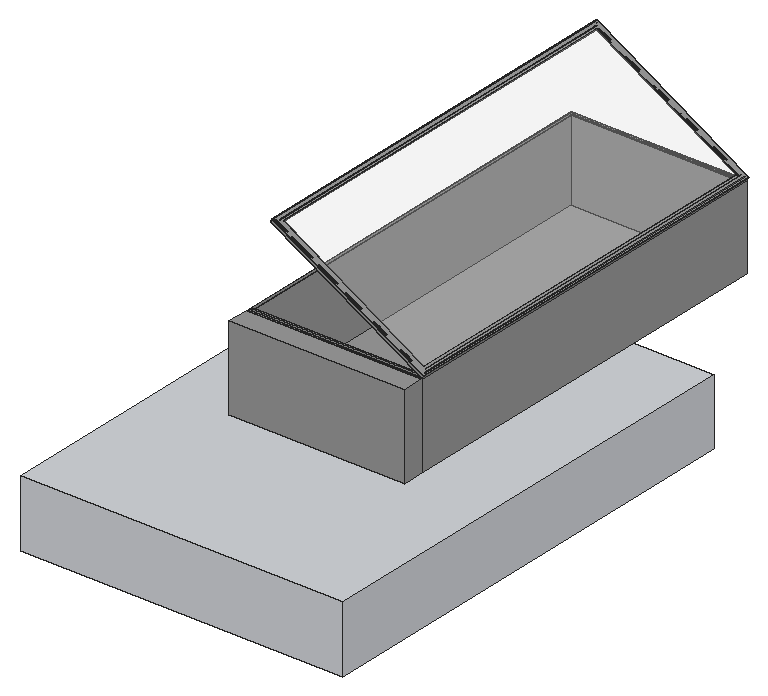
Revit family "Hager-Univers-IP55-D400-H1950-Cl.II-Steel_encl-NoHosted-DE-de", category Equipement électrique, Revit 2020
Family settings
  Hôte = Face
  Configuration du panneau = Deux colonnes, circuits au sein
  Cote de connecteur circulaire = Utiliser le diamètre
  Type d'élément = Tableau de raccordement
  Couper avec des vides une fois chargée = Non
  Partagée = Non
  Point de calcul de pièce = Non
Parameters (values of type "Bodenaufstellung IP55 B800 H1950 T400  - FR23U1")
  Width Control [instance] = if([EF000008 - Breite] > Min Width, [EF000008 - Breite], Min Width)  # 800 mm
  Commentaires du type = [HG000003 - Bereich]  # "Univers"
  Thickness Door [instance] = if([EF009171 - Materialstärke Tür/Deckel] > 3 mm, 3 mm, [EF009171 - Materialstärke Tür/Deckel])  # 1.5 mm
  Seal Frame Offset [instance] = 17 mm  # constant formula
  Plinth Visibility [instance] = [HG000027 - Sockelhöhe] > 0 mm  # yes
  Model = ""
  Min Width [instance] = 100 mm  # constant formula
  Min Height [instance] = 100 mm  # constant formula
  Min Depth [instance] = (2 * [EF009170 - Materialstärke Gehäuse]) + 1 mm  # 4 mm
  Internal Frame Depth [instance] = (Door System Depth * 0.5)  # 9 mm
  Height Control [instance] = if([EF000040 - Höhe] > Min Height, [EF000040 - Höhe], Min Height)  # 1950 mm
  HG000027 - Sockelhöhe = 100 mm
  HG000026 - Stehend auf dem Boden = yes
  HG000024 - Höhe des unteren Teils = 800 mm
  HG000023 - Gehäuse mit doppeltem Querschnitt = no
  HG000016 - 3D-Türsichtbarkeit [instance] = yes
  HG000015 - Sichtbarkeit der Türöffnung [instance] = no
  HG000014 - Tür rechts [instance] = yes
  HG000013 - Tür links [instance] = not([HG000014 - Tür rechts])  # no
  HG000012 - Türschwenkwinkel [instance] = 30.00°
  HG000010 - Asymmetrische Türen = no
  HG000009 - Doppelflügeligen Tür = no
  HG000006 - Unterputz = no
  HG000004 - Herstellerreferenz = "FR23U1"
  HG000003 - Bereich = "Univers"
  HG000002 - Mit tür = yes
  Frame Offset Bottom [instance] = 10 mm  # constant formula
  Frame Offset [instance] = 15 mm  # constant formula
  EF015940 - Deckel mit Überdruckentlastung = no
  EF011959 - Schutzart (NEMA) = ""
  EF009554 - Anzahl der Öffnungen für Flanschplatten = 6
  Fabricant = "Hager"  # constant formula
  EF009212 - Ausführung Deckel = "EV000116 - geschlossen"
  EF009171 - Materialstärke Tür/Deckel = 1.5 mm
  EF009170 - Materialstärke Gehäuse = 1.5 mm
  EF008873 - Nennstrom (In) = 800 A
  EF007800 - Geeignet für Blitzschutz = no
  EF006306 - Mit Schloss = no
  EF006244 - Transparenter Deckel/Tür = yes
  EF005474 - Schutzart (IP) = "EV006420 - IP55"
  EF004464 - Art der Tür = "EV002646 - Einzel"
  EF004427 - Anzahl der Module = 432
  EF004293 - Schlagfestigkeit = "EV008784 - IK10"
  EF003532 - Geeignet für Außengebrauch = no
  EF002950 - Breite in Teilungseinheiten = 24
  EF001613 - Funktionserhalt = "EV000494 - ohne"
  EF001596 - Werkstoff des Gehäuses = "EV000179 - Stahl"
  EF001131 - Innentiefe = 400 mm
  EF001088 - Anbaumöglichkeit = yes
  EF000437 - Anzahl der Leitungseinführungen = 6
  EF000339 - Art der Abdeckung = "EV004216 - Tür"
  EF000266 - Anzahl der Reihen = 12
  EF000218 - Einbautiefe = 0 mm
  EF000118 - Mit Montageplatte = no
  EF000116 - RAL-Nummer = "7035"
  EF000049 - Tiefe = 400 mm
  EF000040 - Höhe = 1950 mm
  EF000008 - Breite = 800 mm
  EF000007 - Farbe = "EV000270 - grau"
  EF000003 - Montageart = "EV012274 - Bodenaufstellung"
  Door System Leaf Tolerance [instance] = 1.5 mm  # constant formula
  Door System Depth [instance] = 18 mm  # constant formula
  Door Height [instance] = Height Control - [HG000027 - Sockelhöhe]  # 1850 mm
  Depth Control [instance] = if([EF000049 - Tiefe] > Min Depth, [EF000049 - Tiefe], Min Depth)  # 400 mm
  Default Elevation = 0 mm
  Connector Offset [instance] = Height Control / 2  # 975 mm
  Bottom Top Plate Trim [instance] = 1.5 mm  # constant formula
  Plinth height Ctrl [instance] = if([HG000027 - Sockelhöhe] > 0 mm, [HG000027 - Sockelhöhe], 12 mm)  # 100 mm
Types (11, lengths in mm): name | Width Control | HG000010 - Asymmetrische Türen | HG000009 - Doppelflügeligen Tür | HG000004 - Herstellerreferenz | EF009554 - Anzahl der Öffnungen für Flanschplatten | EF006244 - Transparenter Deckel/Tür | EF004464 - Art der Tür | EF004427 - Anzahl der Module | EF000437 - Anzahl der Leitungseinführungen | EF000008 - Breite
  Bodenaufstellung IP55 B1050 H1950 T400  - FR24H1 | 1050 | yes | yes | "FR24H1" | 8 | no | "EV003602 - Doppel" | 576 | 8 | 1050
  Bodenaufstellung IP55 B1050 H1950 T400  - FR24U1 | 1050 | yes | yes | "FR24U1" | 8 | yes | "EV003602 - Doppel" | 576 | 8 | 1050
  Bodenaufstellung IP55 B1300 H1950 T400  - FR25H1 | 1300 | yes | yes | "FR25H1" | 10 | no | "EV003602 - Doppel" | 720 | 10 | 1300
  Bodenaufstellung IP55 B1300 H1950 T400  - FR25U1 | 1300 | yes | yes | "FR25U1" | 10 | yes | "EV003602 - Doppel" | 720 | 10 | 1300
  Bodenaufstellung IP55 B1550 H1950 T400  - FR26H1 | 1550 | yes | yes | "FR26H1" | 12 | no | "EV003602 - Doppel" | 864 | 12 | 1550
  Bodenaufstellung IP55 B1550 H1950 T400  - FR26U1 | 1550 | yes | yes | "FR26U1" | 12 | yes | "EV003602 - Doppel" | 864 | 12 | 1550
  Bodenaufstellung IP55 B300 H1950 T400  - FR21H1 | 300 | no | no | "FR21H1" | 2 | no | "EV002646 - Einzel" | 144 | 2 | 300
  Bodenaufstellung IP55 B550 H1950 T400  - FR22H1 | 550 | no | no | "FR22H1" | 4 | no | "EV002646 - Einzel" | 288 | 4 | 550
  Bodenaufstellung IP55 B550 H1950 T400  - FR22U1 | 550 | no | no | "FR22U1" | 4 | yes | "EV002646 - Einzel" | 288 | 4 | 550
  Bodenaufstellung IP55 B800 H1950 T400  - FR23H1 | 800 | no | no | "FR23H1" | 6 | no | "EV002646 - Einzel" | 432 | 6 | 800
  Bodenaufstellung IP55 B800 H1950 T400  - FR23U1 | 800 | no | no | "FR23U1" | 6 | yes | "EV002646 - Einzel" | 432 | 6 | 800
Reference planes
  plane 1 "Center (Front/Back)": y = 0
  plane 2: z = 0
  plane 3 "Center (Left/Right)": x = 0
  plane 4: z = 400
  plane 5: y = 101.5
  plane 6: y = 1025
  plane 7: y = 100
  plane 8: y = 1950
  plane 9: z = 0
  plane 10: x = -385
  plane 11: x = 385
  plane 12: x = 383.5
  plane 13: x = -383.5
  plane 14: y = 1948.5
  plane 15: x = -383
  plane 16: x = -400
  plane 17: x = 383
  plane 18: x = 400
  plane 19: x = 398.5
  plane 20: x = -398.5
  plane 21: y = 111.5
  plane 22: y = 1950
  plane 23: y = 1933.5
  plane 24: z = 382
  plane 25: z = 1.5
  plane 26: z = 380.5
  plane 27: z = 398.5
Forms (mm)
  Extrusion 1, solid
    sketch origin (0, 0, 0) x (1, 0, 0) y (0, 1, 0)
      loop
        line (-702.964, 1305) -> (-702.964, -811.445) -> (766.763, -811.445) -> (766.763, 1305) -> (-702.964, 1305)
    from 0 to -304.8
  Extrusion 2, solid, material "Hager_Steel_RAL7035_Light_Grey", visible <- "Plinth Visibility", detail levels medium+fine
    sketch origin (0, 0, 0) x (1, 0, 0) y (0, 1, 0)
      loop
        line (-400, 0) -> (400, 0) -> (400, 100) -> (-400, 100) -> (-400, 0)
    from 0 to 382
  Extrusion 3, solid, material "Hager_Steel_RAL7035_Light_Grey", detail levels medium+fine
    sketch origin (0, 0, 0) x (1, 0, 0) y (0, 1, 0)
      loop
        line (-400, 100) -> (400, 100) -> (400, 1950) -> (-400, 1950) -> (-400, 100)
    from 0 to 382
  Extrusion 4, void
    sketch origin (0, 0, 0) x (1, 0, 0) y (0, 1, 0)
      loop
        line (-398.5, 101.5) -> (398.5, 101.5) -> (398.5, 1948.5) -> (-398.5, 1948.5) -> (-398.5, 101.5)
    from 1.5 to 380.5
  Extrusion 5, void
    sketch origin (-381.607, -4572, 382) x (0, -1, 0) y (-1, 0, 0)
      loop
        line (-4683.5, 1.893) -> (-6505.5, 1.893) -> (-6505.5, -765.107) -> (-4683.5, -765.107) -> (-4683.5, 1.893)
    from 0 to 1.5 <- "EF009170 - Materialstärke Gehäuse"
  Extrusion 6, solid, material "Hager_Steel_RAL7035_Light_Grey", detail levels fine
    sketch origin (0, 0, 382) x (1, 0, 0) y (0, 1, 0)
      loop
        line (-383.5, 1933.5) -> (-383.5, 111.5) -> (383.5, 111.5) -> (383.5, 1933.5) -> (-383.5, 1933.5)
      loop
        line (-385, 110) -> (385, 110) -> (385, 1935) -> (-385, 1935) -> (-385, 110)
    from 0 to 9 <- "Internal Frame Depth"
  Extrusion 7, solid, material "Hager_Steel_RAL7035_Light_Grey", detail levels coarse
    sketch origin (0, 0, 0) x (1, 0, 0) y (0, 1, 0)
      loop
        line (-400, 0) -> (400, 0) -> (400, 1950) -> (-400, 1950) -> (-400, 0)
    from 0 to 400
  Sweep 8, void
    path in 3D
      loop
        line (-400, 100, 0) -> (400, 100, 0) -> (400, 100, 382) -> (-400, 100, 382) -> (-400, 100, 0)
    profile origin (-400, 100, 191) x (-1, 0, 0) y (0, -1, 0)
      loop
        line (0, 0) -> (0, 1.5) -> (-1.5, 1.5)
        arc (-1.5, 1.5) -> (-1.061, 0.439) -> (0, 0) r 1.5
Cuts and joins
  Extrusion 4, Extrusion 5 cuts Extrusion 3
  Sweep 8 cuts Extrusion 2
Lines and regions (mm)
  Masking region 1
    outline origin (0, 0, 0) x (1, 0, 0) y (0, 0, 1)
      loop
        line (-400, 400) -> (-400, 0) -> (400, 0) -> (400, 400) -> (-400, 400)
  Masking region 2, detail levels medium+fine
    outline origin (0, 140, 0) x (0, 1, 0) y (0, 0, 1)
      loop
        line (-40, 0) -> (1810, 0) -> (1810, 382) -> (-40, 382) -> (-40, 0)
  Masking region 3, not visible, detail levels medium+fine
    outline origin (0, 297.922, 0) x (0, 1, 0) y (0, 0, 1)
      loop
        line (738.578, 0) -> (778.578, 0) -> (778.578, 388.5)
        arc (778.578, 388.5) -> (775.649, 395.571) -> (768.578, 398.5) r 10
        line (768.578, 398.5) -> (738.578, 398.5) -> (738.578, 0)
  Masking region 4, detail levels coarse
    outline origin (0, 0, 180) x (0, 1, 0) y (0, 0, 1)
      loop
        line (0, -180) -> (1950, -180) -> (1950, 220) -> (0, 220) -> (0, -180)
  Masking region 5, visible <- "Plinth Visibility", detail levels medium+fine
    outline origin (0, 52.24, 12.345) x (0, 0, -1) y (0, 1, 0)
      loop
        line (10.845, 47.76) -> (-368.155, 47.76)
        arc (-368.155, 47.76) -> (-368.594, 46.699) -> (-369.655, 46.26) r 1.5
        line (-369.655, 46.26) -> (-369.655, -52.24) -> (12.345, -52.24) -> (12.345, 46.26)
        arc (12.345, 46.26) -> (11.285, 46.699) -> (10.845, 47.76) r 1.5
  Masking region 6, detail levels medium+fine
    outline origin (-381.607, -4572, 382) x (-1, 0, 0) y (0, -1, 0)
      loop
        line (18.393, -6522) -> (18.393, -4672) -> (-781.607, -4672) -> (-781.607, -6522) -> (18.393, -6522)
  Masking region 7, visible <- "Plinth Visibility", detail levels medium+fine
    outline origin (-381.607, -4727, 382) x (-1, 0, 0) y (0, -1, 0)
      loop
        arc (16.893, -4827) -> (17.332, -4825.939) -> (18.393, -4825.5) r 1.5
        line (18.393, -4825.5) -> (18.393, -4727) -> (-781.607, -4727) -> (-781.607, -4825.5)
        arc (-781.607, -4825.5) -> (-780.546, -4825.939) -> (-780.107, -4827) r 1.5
        line (-780.107, -4827) -> (16.893, -4827)
  Masking region 8, detail levels coarse
    outline origin (-442.548, -4669.526, 382) x (-1, 0, 0) y (0, -1, 0)
      loop
        line (-42.548, -6619.526) -> (-42.548, -4669.526) -> (-842.548, -4669.526) -> (-842.548, -6619.526) -> (-42.548, -6619.526)
  sketch lines
    curve 1: line (-400, 100, 382) -> (-400, 100, 0)
    curve 2: line (400, 100, 382) -> (-400, 100, 382)
    curve 3: line (400, 100, 382) -> (400, 100, 0)
    curve 4: line (-400, 100, 0) -> (400, 100, 0)
Dimensions and locks
  "Depth Control": plane 4 to Extrusion 1
  "HG000027 - Sockelhöhe": plane 1 "Center (Front/Back)" to plane 7
  "EF009170 - Materialstärke Gehäuse": plane 5 to plane 7
  locked: connector elem to plane 3 "Center (Left/Right)"
  equal spacing: plane 8, plane 6, plane 7
  locked: connector elem to plane 6
  "EF009170 - Materialstärke Gehäuse": plane 8 to plane 14
  "EF009170 - Materialstärke Gehäuse": plane 10 to plane 13
  "EF009170 - Materialstärke Gehäuse": plane 12 to plane 11
  "Frame Offset": plane 20 to plane 13
  "Frame Offset": plane 12 to plane 19
  "EF009170 - Materialstärke Gehäuse": plane 16 to plane 20
  "EF009170 - Materialstärke Gehäuse": plane 19 to plane 18
  "Seal Frame Offset": plane 16 to plane 15
  "Seal Frame Offset": plane 17 to plane 18
  "Frame Offset Bottom": plane 21 to plane 5
  "Frame Offset": plane 14 to plane 23
  equal spacing: plane 16, plane 3 "Center (Left/Right)", plane 18
  "Width Control": plane 16 to plane 18
  "EF009170 - Materialstärke Gehäuse": plane 4 to plane 27
  "EF009170 - Materialstärke Gehäuse": plane 24 to plane 26
  "EF009170 - Materialstärke Gehäuse": plane 25 to level
  "Door System Depth": plane 4 to plane 24
  "Height Control": plane 1 "Center (Front/Back)" to Extrusion 7 sketch curve
  "Height Control": Masking region 4 sketch curve to plane 1 "Center (Front/Back)"
  "Height Control": plane 1 "Center (Front/Back)" to plane 22
  "Bottom Top Plate Trim": profile plane to Sweep 8 sketch curve
  "Bottom Top Plate Trim": Sweep 8 sketch curve to profile plane
  "Plinth height Ctrl": plane 1 "Center (Front/Back)" to Extrusion 2 sketch curve
  "Plinth height Ctrl": Masking region 5 sketch curve to plane 1 "Center (Front/Back)"
  "Plinth height Ctrl": plane 1 "Center (Front/Back)" to Masking region 7 sketch curve
  "Thickness Door": Extrusion 6 sketch curve to Extrusion 6 sketch curve  (x3)
  "Thickness Door": cut or joined group of Extrusion 3, Extrusion 4, Extrusion 5 to Extrusion 6 sketch curve
  radius of Masking region 3 sketch curve = 10 mm
  "Bottom Top Plate Trim": radius of Masking region 5 sketch curve  (x2)
  "Bottom Top Plate Trim": radius of Sweep 8 sketch curve
  "Bottom Top Plate Trim": radius of Masking region 7 sketch curve  (x2)
  aligned and locked: plane 2 to Extrusion 1
  aligned and locked: level to Extrusion 1
  aligned and locked: level to Masking region 1 sketch curve
  aligned and locked: Masking region 1 sketch curve to plane 18
  aligned and locked: Masking region 1 sketch curve to plane 16
  aligned and locked: plane 7 to Masking region 2 sketch curve
  aligned and locked: level to Masking region 3 sketch curve
  aligned and locked: Masking region 3 sketch curve to plane 27
  aligned and locked: level to Masking region 2 sketch curve
  aligned and locked: plane 1 "Center (Front/Back)" to Extrusion 2 sketch curve
  aligned and locked: Extrusion 3 sketch curve to plane 7
  aligned and locked: plane 16 to Extrusion 3 sketch curve
  aligned and locked: plane 18 to Extrusion 3 sketch curve
  aligned and locked: plane 20 to Extrusion 4 sketch curve
  aligned and locked: plane 19 to Extrusion 4 sketch curve
  aligned and locked: Extrusion 4 sketch curve to plane 5
  aligned and locked: Extrusion 4 to plane 25
  aligned and locked: plane 26 to Extrusion 4
  aligned and locked: plane 24 to Extrusion 3
  aligned and locked: Extrusion 5 sketch curve to plane 21
  aligned and locked: Extrusion 5 sketch curve to plane 13
  aligned and locked: Extrusion 5 sketch curve to plane 12
  aligned and locked: plane 18 to Extrusion 7 sketch curve
  aligned and locked: plane 1 "Center (Front/Back)" to Extrusion 7 sketch curve
  aligned and locked: plane 16 to Extrusion 7 sketch curve
  aligned and locked: plane 4 to Extrusion 7
  aligned and locked: Extrusion 7 to level
  aligned and locked: level to Masking region 4 sketch curve
  aligned and locked: Masking region 4 sketch curve to plane 1 "Center (Front/Back)"
  aligned and locked: Masking region 4 sketch curve to plane 4
  aligned and locked: nested 1 to level
  aligned and locked: nested 1 to plane 16
  aligned and locked: plane 8 to Extrusion 3 sketch curve
  aligned and locked: plane 23 to Extrusion 5 sketch curve
  aligned and locked: plane 14 to Extrusion 4 sketch curve
  aligned and locked: Masking region 2 sketch curve to plane 8
  aligned and locked: level to Masking region 5 sketch curve
  aligned and locked: plane 16 to Extrusion 2 sketch curve
  aligned and locked: plane 18 to Extrusion 2 sketch curve
  aligned and locked: Masking region 5 sketch curve to plane 24
  aligned and locked: Masking region 2 sketch curve to plane 24
  aligned and locked: plane 24 to Extrusion 2
  aligned and locked: profile plane to Sweep 8 sketch curve  (x2)
  aligned and locked: Masking region 6 sketch curve to plane 18
  aligned and locked: Masking region 6 sketch curve to plane 22
  aligned and locked: Masking region 6 sketch curve to plane 16
  aligned and locked: plane 8 to plane 22
  aligned and locked: Masking region 6 sketch curve to plane 7
  aligned and locked: Masking region 7 sketch curve to plane 16
  aligned and locked: Masking region 7 sketch curve to plane 1 "Center (Front/Back)"
  aligned and locked: Masking region 7 sketch curve to plane 18
  aligned and locked: Masking region 8 sketch curve to plane 1 "Center (Front/Back)"
  aligned and locked: Masking region 8 sketch curve to plane 18
  aligned and locked: Masking region 8 sketch curve to plane 22
  aligned and locked: Masking region 8 sketch curve to plane 16
  aligned and locked: nested 2 to plane 7
  aligned and locked: plane 3 "Center (Left/Right)" to nested 2
  aligned and locked: nested 2 to plane 24
  aligned and locked: Extrusion 6 sketch curve to cut or joined group of Extrusion 3, Extrusion 4, Extrusion 5  (x4)
Automatic sketch dimensions
  Extrusion 1 sketch curve to Extrusion 1 sketch curve = 1469.727 mm
  Extrusion 1 sketch curve to Extrusion 1 sketch curve = 2116.445 mm
  Masking region 1 sketch curve to plane 4 = 0 mm
  plane 6 to Masking region 3 sketch curve = 11.5 mm
  Masking region 3 sketch curve to Masking region 3 sketch curve = 30 mm
  Masking region 5 sketch curve to plane 1 "Center (Front/Back)" = 0 mm
Nested families
  nested 1: "Hager_Enclosure_Symbol" at (-400, 0, 0) x (1, 0, 0) z (0, -1, 0), Height <- "Depth Control", Width <- "Width Control", type "Hager_Enclosure_Symbol"
    with Width_Ctrl 800 mm, Width 800 mm, Height_Ctrl 400 mm, Height 400 mm, A_Width_Int 26.25 mm, A_Width 315 mm, A_Height_Ctrl 350 mm, A_Height 350 mm
  nested 2: "EC000058_Univers_Door" at (0, 100, 382) x (1, 0, 0) z (0, 1, 0), Leaf_Tolerance <- "Door System Leaf Tolerance", Angle <- "HG000012 - Türschwenkwinkel", Door_Depth <- "Door System Depth", Door_Left <- "HG000013 - Tür links", Transparent <- "EF006244 - Transparenter Deckel/Tür", Assymetrical <- "HG000010 - Asymmetrische Türen", Width <- "Width Control", Clearance <- "HG000015 - Sichtbarkeit der Türöffnung", Double <- "HG000009 - Doppelflügeligen Tür", 3d_Door <- "HG000016 - 3D-Türsichtbarkeit", Lock_Visibility <- "EF006306 - Mit Schloss", Width_Ctrl <- "Width Control", Door_Right <- "HG000014 - Tür rechts", Door <- "HG000002 - Mit tür", Height <- "Door Height", Thickness <- "Thickness Door", type "EC000058_Univers_Door", detail levels medium+fine
    with min_wh 4 mm, Width_Ctrl 800 mm, Width 800 mm, Transparent yes, Thickness 1.5 mm, Seal_Material Hager_Rubber, Lock_Visibility no, Lock_Material Hager_Plastic_RAL9005_Jet_Black, Leaf_Width 800 mm, Leaf_Tolerance_External_Sides 0 mm, Leaf_Tolerance 1.5 mm, Leaf_Offset 0 mm, Leaf_Height 1847 mm, Leaf_2_Width 800 mm, Leaf_2_Offset 400 mm, Leaf_1_Width 800 mm, Leaf_1_Offset 400 mm, Height_Ctrl 1850 mm, Height 1850 mm, Glass_Material Hager_Glass, Double_Clearance_Ctrl no, Double no, Door_Right_Ctrl yes, Door_Right yes, Door_Material Hager_Steel_RAL7035_Light_Grey, Door_Left_Ctrl no, Door_Left no, Door_Depth 18 mm, Door yes, Clearance_Material Hager_Clearance, Clearance_Depth 800 mm, Clearance_Ctrl no, Clearance no, Assymetrical no, Angle 30.00°, 3d_Door yes
Connectors
  electrical at (0, 1025, 0)
    settings: on plane 9, index 1, voltage 0 V, apparent load 0 VA, apparent load phase1 0 VA, apparent load phase2 0 VA, apparent load phase3 0 VA, power factor 1, load classification "Other", number of poles 1, system type 30, power factor state 1, is connector primary yes, connector utility no, sub classification motor no, connector description ""
Definition of nested family "EC000058_Univers_Door"
  Parameters (values of type "EC000058_Univers_Door")
    min_wh [instance] = (2 * Thickness) + 1 mm  # 11 mm
    Width_Ctrl [instance] = 400 mm
    Width [instance] = 500 mm
    Transparent [instance] = yes
    Thickness [instance] = 5 mm
    Seal_Material [instance] = none
    Lock_Visibility [instance] = yes
    Lock_Material [instance] = none
    Leaf_Width [instance] = if((Width_Ctrl - 2 * Leaf_Tolerance_External_Sides) > 0 mm, (Width_Ctrl - 2 * Leaf_Tolerance_External_Sides), min_wh)  # 400 mm
    Leaf_Tolerance_External_Sides [instance] = 0 mm  # constant formula
    Leaf_Tolerance [instance] = 1.5 mm
    Leaf_Offset [instance] = 0 mm  # constant formula
    Leaf_Height [instance] = if((Height_Ctrl - 2 * Leaf_Tolerance) > 0 mm, (Height_Ctrl - 2 * Leaf_Tolerance), min_wh)  # 497 mm
    Leaf_2_Width [instance] = if(and(and(Double, Assymetrical), Door_Left), (Leaf_Width / 3) - (Leaf_Tolerance / 2), if(and(and(Double, Assymetrical), Door_Right), (Leaf_Width / 3) * 2 - (Leaf_Tolerance / 2), if(and(Double, not(Assymetrical)), (Leaf_Width / 2) - Leaf_Tolerance, Leaf_Width)))  # 400 mm
    Leaf_2_Offset [instance] = if(and(Double, Assymetrical), Leaf_2_Width / 2, if(and(Double, not(Assymetrical)), Leaf_Width / 4, Leaf_Width / 2))  # 200 mm
    Leaf_1_Width [instance] = if(and(and(Double, Assymetrical), Door_Right), (Leaf_Width / 3) - (Leaf_Tolerance / 2), if(and(and(Double, Assymetrical), Door_Left), (Width / 3) * 2 - (Leaf_Tolerance / 2), if(and(Double, not(Assymetrical)), (Leaf_Width / 2) - Leaf_Tolerance, Leaf_Width)))  # 400 mm
    Leaf_1_Offset [instance] = if(and(Double, Assymetrical), Leaf_1_Width / 2, if(and(Double, not(Assymetrical)), Leaf_Width / 4, Leaf_Width / 2))  # 200 mm
    Height_Ctrl [instance] = if(Height > min_wh, Height, min_wh)  # 500 mm
    Height [instance] = 500 mm
    Glass_Material [instance] = none
    Double_Clearance_Ctrl [instance] = and(Double, Clearance)  # no
    Double [instance] = no
    Door_Right_Ctrl [instance] = and(or(Door_Right, Double), Door)  # yes
    Door_Right [instance] = yes
    Door_Material [instance] = none
    Door_Left_Ctrl [instance] = and(or(Door_Left, Double), Door)  # no
    Door_Left [instance] = no
    Door_Depth [instance] = 30 mm
    Door [instance] = yes
    Default Elevation = 1219.2 mm
    Clearance_Material [instance] = none
    Clearance_Depth [instance] = if(Leaf_1_Width > Leaf_2_Width, Leaf_1_Width, Leaf_2_Width)  # 400 mm
    Clearance_Ctrl [instance] = and(not(Double), Clearance)  # yes
    Clearance [instance] = yes
    Assymetrical [instance] = yes
    Angle [instance] = 30.00°
    3d_Door [instance] = yes
  Reference planes
    plane 1 "Center (Front/Back)": y = 0
    plane 2 "Bottom": z = 0
    plane 3 "Center (Left/Right)": x = 0
    plane 4: z = 500
    plane 5: x = -200
    plane 6: x = 200
    plane 7: z = 500
    plane 8: x = -200
    plane 9: z = 0
    plane 10: x = 200
    plane 11: y = 0
    plane 12: z = 1.5
    plane 13: x = -600
    plane 14: y = -400
    plane 15: x = 600
    plane 16: x = 0
    plane 17: x = 0
    plane 18: x = -200
    plane 19: x = 200
    plane 20: z = 498.5
  Forms (mm)
    Extrusion 1, solid, material <- "Clearance_Material", visible <- "Double_Clearance_Ctrl"
      sketch origin (1200, 0, 0) x (1, 0, 0) y (0, 0, -1)
        loop
          line (-1800, -498.5) -> (-600, -498.5) -> (-600, 0) -> (-1800, 0) -> (-1800, -498.5)
      from 0 to -400
  Dimensions and locks
    equal spacing: plane 5, plane 3 "Center (Left/Right)", plane 6
    "Width_Ctrl": plane 5 to plane 6
    "Leaf_Offset": plane 5 to plane 8
    "Leaf_Offset": plane 6 to plane 10
    "Leaf_Offset": plane 9 to level
    "Leaf_Offset": plane 4 to plane 7
    "Height_Ctrl": plane 4 to level
    "Leaf_Tolerance": plane 12 to plane 9
    locked: plane 11 to plane 1 "Center (Front/Back)"
    "Leaf_1_Offset": plane 18 to plane 16
    "Leaf_2_Offset": plane 17 to plane 19
    "Leaf_1_Width": plane 13 to plane 8
    "Leaf_2_Width": plane 10 to plane 15
    "Clearance_Depth": plane 14 to plane 1 "Center (Front/Back)"
    "Leaf_Tolerance_External_Sides": plane 8 to plane 18
    "Leaf_Tolerance_External_Sides": plane 19 to plane 10
    "Leaf_Tolerance": plane 7 to plane 20
    aligned and locked: level to plane 2 "Bottom"
    aligned and locked: nested 1 to plane 16
    aligned and locked: nested 2 to plane 17
    aligned and locked: Extrusion 1 to plane 13
    aligned and locked: plane 15 to Extrusion 1
    aligned and locked: Extrusion 1 to plane 14
    aligned and locked: plane 12 to nested 1
    aligned and locked: nested 2 to plane 12
    aligned and locked: Extrusion 1 to plane 11
    aligned and locked: plane 20 to Extrusion 1
    aligned and locked: nested 2 to plane 11
    aligned and locked: nested 1 to plane 11
  Automatic sketch dimensions
    Extrusion 1 sketch curve to level = 0 mm
    plane 5 to Extrusion 1 sketch curve = 400 mm
    plane 6 to Extrusion 1 sketch curve = 400 mm
    Extrusion 1 sketch curve to plane 4 = 1.5 mm
  Nested families
    nested 1: "EC000058_Univers_Door_Leaf" at (0, 0, 1.5), Width <- "Leaf_1_Width", visible <- "Door_Left_Ctrl", Leaf_Height <- "Leaf_Height", Angle <- "Angle", 3d_Door <- "3d_Door", Transparent <- "Transparent", Clearance Material <- "Clearance_Material", Clearance <- "Clearance_Ctrl", Door_Material <- "Door_Material", Glass_Material <- "Glass_Material", Door_Depth <- "Door_Depth", Lock_Material <- "Lock_Material", Seal_Material <- "Seal_Material", Lock_Visibility <- "Lock_Visibility", Thickness <- "Thickness", type "EC000058_Univers_Door_Leaf"
      with Width 400 mm, Transparent_Glass_Offset 30 mm, Transparent_Ctrl yes, Transparent yes, Thickness 5 mm, Standard no, Seal_Material none, Seal_D2 8 mm, Seal_D1 1 mm, Offset_Internal_Frame 10 mm, Lock_Width 20 mm, Lock_Visibility_3d yes, Lock_Visibility yes, Lock_Thickness_3 3 mm, Lock_Thickness_2 1 mm, Lock_Thickness_1 3 mm, Lock_Radius_Offset_2 16 mm, Lock_Radius_Offset_1 15 mm, Lock_Radius_2 5 mm, Lock_Radius 6 mm, Lock_Offset 5 mm, Lock_Material none, Lock_Height 80 mm, Lock_Cover_Top_Offset_2d 17 mm, Lock_Cover_Height -65 mm, Leaf_Height 497 mm, Internal_Seal_Thickness 8 mm, Internal_Seal_Depth_2 4.5 mm, Internal_Frame_Depth 25 mm, Glass_Thickness -1 mm, Glass_Offset -2 mm, Glass_Material none, Door_Material none, Door_Depth 30 mm, Clearance Material none, Clearance yes, Angle_Ctrl 30.00°, Angle 30.00°, 3d_Door yes
    nested 2: "EC000058_Univers_Door_Leaf" at (0, 0, 1.5) x (-1, 0, 0) z (0, 0, 1), Width <- "Leaf_2_Width", visible <- "Door_Right_Ctrl", Leaf_Height <- "Leaf_Height", Angle <- "Angle", 3d_Door <- "3d_Door", Transparent <- "Transparent", Clearance Material <- "Clearance_Material", Clearance <- "Clearance_Ctrl", Door_Material <- "Door_Material", Glass_Material <- "Glass_Material", Door_Depth <- "Door_Depth", Lock_Material <- "Lock_Material", Seal_Material <- "Seal_Material", Lock_Visibility <- "Lock_Visibility", Thickness <- "Thickness", type "EC000058_Univers_Door_Leaf"
      with Width 400 mm, Transparent_Glass_Offset 30 mm, Transparent_Ctrl yes, Transparent yes, Thickness 5 mm, Standard no, Seal_Material none, Seal_D2 8 mm, Seal_D1 1 mm, Offset_Internal_Frame 10 mm, Lock_Width 20 mm, Lock_Visibility_3d yes, Lock_Visibility yes, Lock_Thickness_3 3 mm, Lock_Thickness_2 1 mm, Lock_Thickness_1 3 mm, Lock_Radius_Offset_2 16 mm, Lock_Radius_Offset_1 15 mm, Lock_Radius_2 5 mm, Lock_Radius 6 mm, Lock_Offset 5 mm, Lock_Material none, Lock_Height 80 mm, Lock_Cover_Top_Offset_2d 17 mm, Lock_Cover_Height -65 mm, Leaf_Height 497 mm, Internal_Seal_Thickness 8 mm, Internal_Seal_Depth_2 4.5 mm, Internal_Frame_Depth 25 mm, Glass_Thickness -1 mm, Glass_Offset -2 mm, Glass_Material none, Door_Material none, Door_Depth 30 mm, Clearance Material none, Clearance yes, Angle_Ctrl 30.00°, Angle 30.00°, 3d_Door yes
  Definition of nested family "EC000058_Univers_Door_Leaf"
    Parameters (values of type "EC000058_Univers_Door_Leaf")
      Width [instance] = 2000 mm
      Transparent_Glass_Offset [instance] = 30 mm
      Transparent_Ctrl [instance] = and(Transparent, [3d_Door])  # yes
      Transparent [instance] = yes
      Thickness [instance] = 5 mm
      Standard [instance] = and(not(Transparent), [3d_Door])  # no
      Seal_Material [instance] = none
      Seal_D2 [instance] = 8 mm  # constant formula
      Seal_D1 [instance] = 1 mm  # constant formula
      Offset_Internal_Frame [instance] = 10 mm  # constant formula
      Lock_Width [instance] = 20 mm  # constant formula
      Lock_Visibility_3d [instance] = and(Lock_Visibility, [3d_Door])  # yes
      Lock_Visibility [instance] = yes
      Lock_Thickness_3 [instance] = 3 mm  # constant formula
      Lock_Thickness_2 [instance] = 1 mm  # constant formula
      Lock_Thickness_1 [instance] = 3 mm  # constant formula
      Lock_Radius_Offset_2 [instance] = Lock_Radius_Offset_1 + 1 mm  # 16 mm
      Lock_Radius_Offset_1 [instance] = 15 mm  # constant formula
      Lock_Radius_2 [instance] = Lock_Radius - 1 mm  # 5 mm
      Lock_Radius [instance] = 6 mm  # constant formula
      Lock_Offset [instance] = 5 mm  # constant formula
      Lock_Material [instance] = none
      Lock_Height [instance] = 80 mm  # constant formula
      Lock_Cover_Top_Offset_2d [instance] = Lock_Radius_Offset_2 + 1 mm  # 17 mm
      Lock_Cover_Height [instance] = -(Lock_Height - Lock_Radius_Offset_1)  # -65 mm
      Leaf_Height [instance] = 2720.336 mm
      Internal_Seal_Thickness [instance] = 8 mm  # constant formula
      Internal_Seal_Depth_2 [instance] = 4.5 mm  # constant formula
      Internal_Frame_Depth [instance] = if(Door_Depth - Thickness > 5 mm, Door_Depth - Thickness, 5 mm)  # 25 mm
      Glass_Thickness [instance] = if(Thickness > 15 mm, Glass_Offset + 10 mm, -1 mm)  # -1 mm
      Glass_Offset [instance] = if(Thickness > 15 mm, -(Thickness + 10 mm) / 2, -2 mm)  # -2 mm
      Glass_Material [instance] = none
      Door_Material [instance] = none
      Door_Depth [instance] = 30 mm
      Default Elevation = 0 mm
      Clearance Material [instance] = none
      Clearance [instance] = yes
      Angle_Ctrl [instance] = if(Angle > 180.00°, 180.00°, Angle)  # 90.00°
      Angle [instance] = 90.00°
      3d_Door [instance] = yes
    Reference planes
      plane 1 "Center (Front/Back)": y = 0
      plane 2: z = 0
      plane 3 "Center (Left/Right)": x = 0
      plane 4: y = 2000
      plane 5: x = -1000
      plane 6: x = 1000
      plane 7: x = -3000
      plane 8: z = 2720.336
      plane 9: z = 30
      plane 10: z = 2690.336
      plane 11: x = 970
      plane 12: x = -970
      plane 13: y = -3
      plane 14: z = 107.833
      plane 15: y = -5
      plane 16: y = -223.314
      plane 17: x = -1000
      plane 18: z = 1360.168
      plane 19: y = 30
    Forms (mm)
      Extrusion 1, solid, material <- "Clearance Material", visible <- "Clearance"
        sketch origin (0, 0, 0) x (1, 0, 0) y (0, 0, 1)
          loop
            line (-3000, 2720.336) -> (-3000, 0) -> (1000, 0) -> (1000, 2720.336) -> (-3000, 2720.336)
        from 0 to -2000
      Extrusion 2, solid, material <- "Door_Material", visible <- "Standard", detail levels medium+fine
        sketch origin (-1000, 0, 0) x (0, 1, 0) y (-1, 0, 0)
          loop
            line (0, 30) -> (0, 25) -> (2000, 25) -> (2000, 30) -> (0, 30)
        from 0 to 2720.336 <- "Leaf_Height"
      Extrusion 3, solid, material <- "Door_Material", visible <- "Transparent_Ctrl", detail levels medium+fine
        sketch origin (-1000, 0, 0) x (0, 1, 0) y (-1, 0, 0)
          loop
            line (0, 25) -> (2000, 25) -> (2000, 30) -> (0, 30) -> (0, 25)
        from 0 to 2720.336 <- "Leaf_Height"
      Extrusion 4, void
        sketch origin (-1025, 2000, 0) x (0, 1, 0) y (0, 0, -1)
          loop
            line (-30, -2690.336) -> (-30, -30) -> (-1970, -30) -> (-1970, -2690.336) -> (-30, -2690.336)
        from 0 to 5 <- "Thickness"
      Sweep 5, solid, material <- "Seal_Material", visible <- "Transparent_Ctrl", detail levels fine
        path in 3D
          loop
            line (-1025, 30, 30) -> (-1025, 30, 2690.336) -> (-1025, 1970, 2690.336) -> (-1025, 1970, 30) -> (-1025, 30, 30)
        profile origin (-1025, 1000, 30) x (1, 0, 0) y (0, 0, 1)
          loop
            line (0, 0) -> (0, -8) -> (1, -8) -> (1, 0) -> (0, 0)
      Extrusion 6, solid, material <- "Glass_Material", visible <- "Transparent_Ctrl", detail levels medium+fine
        sketch origin (-1030, 0, 0) x (0, 1, 0) y (0, 0, -1)
          loop
            line (1970, -2690.336) -> (1970, -30) -> (30, -30) -> (30, -2690.336) -> (1970, -2690.336)
        from -2 <- "Glass_Offset" to -1 <- "Glass_Thickness"
      Extrusion 7, solid, material <- "Door_Material", visible <- "3d_Door", detail levels medium+fine
        sketch origin (-1025, 2000, 0) x (0, -1, 0) y (0, 0, -1)
          loop
            line (0, -2720.336) -> (2000, -2720.336) -> (2000, 0) -> (0, 0) -> (0, -2720.336)
          loop
            line (1995, -5) -> (5, -5) -> (5, -2715.336) -> (1995, -2715.336) -> (1995, -5)
        from 0 to 25 <- "Internal_Frame_Depth"
      Sweep 8, solid, material <- "Seal_Material", visible <- "Transparent_Ctrl", detail levels fine
        path in 3D
          loop
            line (-1025, 0, 0) -> (-1025, 2000, 0) -> (-1025, 2000, 2720.336) -> (-1025, 0, 2720.336) -> (-1025, 0, 0)
        profile origin (-1025, 0, 1360.168) x (1, 0, 0) y (0, 1, 0)
          loop
            line (0, 10) -> (2.975, 10)
            arc (2.975, 10) -> (4.053, 10.447) -> (4.5, 11.525) r 1.525
            line (4.5, 11.525) -> (4.5, 16.527)
            arc (4.5, 16.527) -> (4.069, 17.569) -> (3.027, 18) r 1.473
            line (3.027, 18) -> (0, 18) -> (0, 10)
      Extrusion 9, solid, material <- "Lock_Material", visible <- "Lock_Visibility_3d", detail levels fine
        sketch origin (-1030, 0, 0) x (0, 1, 0) y (0, 0, -1)
          loop
            arc (1993.5, -1400.168) -> (1994.561, -1399.729) -> (1995, -1398.668) r 1.5
            line (1995, -1398.668) -> (1995, -1320.168) -> (1975, -1320.168) -> (1975, -1398.668)
            arc (1975, -1398.668) -> (1975.439, -1399.729) -> (1976.5, -1400.168) r 1.5
            line (1976.5, -1400.168) -> (1993.5, -1400.168)
        from 3 <- "Lock_Thickness_1" to 0
      Blend 10, solid, material <- "Lock_Material", visible <- "Lock_Visibility_3d", detail levels fine
        base sketch origin (-1033, 0, 0) x (0, 1, 0) y (0, 0, -1)
          loop
            line (1975, -1320.168) -> (1975, -1398.668)
            arc (1975, -1398.668) -> (1975.439, -1399.729) -> (1976.5, -1400.168) r 1.5
            line (1976.5, -1400.168) -> (1993.5, -1400.168)
            arc (1993.5, -1400.168) -> (1994.561, -1399.729) -> (1995, -1398.668) r 1.5
            line (1995, -1398.668) -> (1995, -1320.168) -> (1975, -1320.168)
        top sketch origin (-1033, 0, 0) x (0, 1, 0) y (0, 0, -1)
          loop
            line (1976, -1320.168) -> (1976, -1398.668)
            arc (1976, -1398.668) -> (1976.146, -1399.022) -> (1976.5, -1399.168) r 0.5
            line (1976.5, -1399.168) -> (1993.5, -1399.168)
            arc (1993.5, -1399.168) -> (1993.854, -1399.022) -> (1994, -1398.668) r 0.5
            line (1994, -1398.668) -> (1994, -1320.168) -> (1976, -1320.168)
        from 0 to 1 <- "Lock_Thickness_2"
      Blend 11, solid, material <- "Lock_Material", visible <- "Lock_Visibility_3d", detail levels fine
        base sketch origin (-1034, 0, 0) x (0, 1, 0) y (0, 0, -1)
          loop
            line (1978, -1320.168) -> (1978, -1384.168)
            arc (1978, -1384.168) -> (1985, -1391.168) -> (1992, -1384.168) r 7
            line (1992, -1384.168) -> (1992, -1320.168) -> (1978, -1320.168)
        top sketch origin (-1034, 0, 0) x (0, 1, 0) y (0, 0, -1)
          loop
            line (1991, -1320.168) -> (1979, -1320.168) -> (1979, -1383.168)
            arc (1979, -1383.168) -> (1985, -1389.168) -> (1991, -1383.168) r 6
            line (1991, -1383.168) -> (1991, -1320.168)
        from 0 to 3 <- "Lock_Thickness_3"
      Extrusion 12, solid, material <- "Lock_Material", visible <- "Lock_Visibility_3d", detail levels fine
        sketch origin (-1030, 1975, 1320.168) x (1, 0, 0) y (0, -1, 0)
          loop
            line (-7, -19) -> (-7, -1) -> (0, -1) -> (0, 0) -> (-8, 0) -> (-8, -20) -> (0, -20) -> (0, -19) -> (-7, -19)
        from 0 to -65 <- "Lock_Cover_Height"
      Extrusion 13, void
        sketch origin (-1038, 1995, 1320.168) x (-1, 0, 0) y (0, 0, -1)
          loop
            line (-5, -65) -> (0, -65) -> (-5, -60) -> (-5, -65)
        from 0 to 20 <- "Lock_Width"
      Extrusion 14, void
        sketch origin (-1038, 1975, 1320.168) x (0, -1, 0) y (0, 0, -1)
          loop
            circle (-10, -15.995) r 6
          loop
            circle (-10, -15.995) r 5
        from 0 to 2
      Extrusion 15, solid, material <- "Lock_Material", visible <- "Lock_Visibility_3d", detail levels medium
        sketch origin (-1030, 0, 0) x (0, 1, 0) y (0, 0, -1)
          loop
            arc (1993.5, -1400.168) -> (1994.561, -1399.729) -> (1995, -1398.668) r 1.5
            line (1995, -1398.668) -> (1995, -1320.168) -> (1975, -1320.168) -> (1975, -1398.668)
            arc (1975, -1398.668) -> (1975.439, -1399.729) -> (1976.5, -1400.168) r 1.5
            line (1976.5, -1400.168) -> (1993.5, -1400.168)
        from 8 to 0
    Cuts and joins
      Extrusion 4 cuts Extrusion 3
      Extrusion 13, Extrusion 14 cuts Extrusion 9
      Extrusion 14 cuts Blend 11
      Extrusion 13, Extrusion 14 cuts Extrusion 12
      joined: Extrusion 9, Blend 10, Blend 11, Extrusion 12
      Extrusion 14 cuts Extrusion 15
    Lines and regions (mm)
      Masking region 1, visible <- "Lock_Visibility", detail levels fine
        outline origin (0, 0, 0) x (0, 1, 0) y (0, 0, 1)
          loop
            line (30, 1320.168) -> (33, 1320.168) -> (33, 1400.168) -> (30, 1400.168) -> (30, 1320.168)
      Masking region 2, visible <- "Lock_Visibility", detail levels fine
        outline origin (0, 3.143, 0) x (0, 1, 0) y (0, 0, 1)
          loop
            line (29.857, 1354.168) -> (30.857, 1354.168) -> (30.857, 1366.168) -> (29.857, 1366.168) -> (29.857, 1354.168)
      Masking region 3, detail levels medium+fine
        outline origin (0, 0, 0) x (0, 1, 0) y (0, 0, 1)
          loop
            line (0, 0) -> (30, 0) -> (30, 2720.336) -> (0, 2720.336) -> (0, 0)
      Masking region 4, detail levels medium+fine
        outline origin (0, 0, 0) x (1, 0, 0) y (0, 0, 1)
          loop
            line (-1000, 2720.336) -> (-1000, 0) -> (1000, 0) -> (1000, 2720.336) -> (-1000, 2720.336)
      Masking region 5, visible <- "Lock_Visibility", detail levels fine
        outline origin (-47.116, 0, 0) x (1, 0, 0) y (0, 0, 1)
          loop
            arc (1024.616, 1399.168) -> (1023.556, 1398.729) -> (1023.116, 1397.668) r 1.5
            line (1023.116, 1397.668) -> (1023.116, 1320.168) -> (1041.116, 1320.168) -> (1041.116, 1397.668)
            arc (1041.116, 1397.668) -> (1040.677, 1398.729) -> (1039.616, 1399.168) r 1.5
            line (1039.616, 1399.168) -> (1024.616, 1399.168)
      Masking region 6, visible <- "Lock_Visibility", detail levels medium+fine
        outline origin (-25, 0, 0) x (1, 0, 0) y (0, 0, 1)
          loop
            arc (1001.5, 1400.168) -> (1000.439, 1399.729) -> (1000, 1398.668) r 1.5
            line (1000, 1398.668) -> (1000, 1320.168) -> (1020, 1320.168) -> (1020, 1398.668)
            arc (1020, 1398.668) -> (1019.561, 1399.729) -> (1018.5, 1400.168) r 1.5
            line (1018.5, 1400.168) -> (1001.5, 1400.168)
      Masking region 7, visible <- "Lock_Visibility", detail levels fine
        outline origin (-73.735, 0, 0) x (1, 0, 0) y (0, 0, 1)
          loop
            line (1051.735, 1382.168) -> (1065.735, 1382.168) -> (1065.735, 1384.168)
            arc (1065.735, 1384.168) -> (1058.735, 1391.168) -> (1051.735, 1384.168) r 7
            line (1051.735, 1384.168) -> (1051.735, 1382.168)
      Masking region 8, visible <- "Lock_Visibility", detail levels fine
        outline origin (-73.735, 0, 0) x (1, 0, 0) y (0, 0, 1)
          loop
            line (1052.735, 1382.168) -> (1064.735, 1382.168) -> (1064.735, 1383.168)
            arc (1064.735, 1383.168) -> (1058.735, 1389.168) -> (1052.735, 1383.168) r 6
            line (1052.735, 1383.168) -> (1052.735, 1382.168)
      Masking region 9, visible <- "Lock_Visibility", detail levels fine
        outline origin (-25, 0, 0) x (1, 0, 0) y (0, 0, 1)
          loop
            line (1020, 1320.168) -> (1020, 1382.168) -> (1000, 1382.168) -> (1000, 1320.168) -> (1020, 1320.168)
      Masking region 10, detail levels medium+fine
        outline origin (0, 0, 0) x (1, 0, 0) y (0, 0, 1)
          loop
            circle (985, 1335.144) r 6
      Masking region 11, detail levels fine
        outline origin (0, 0, 0) x (1, 0, 0) y (0, 0, 1)
          loop
            circle (985, 1335.144) r 5
      Masking region 12, visible <- "Lock_Visibility", detail levels fine
        outline origin (0, 12.767, 0) x (0, 1, 0) y (0, 0, 1)
          loop
            line (20.233, 1320.168) -> (21.233, 1320.168) -> (21.233, 1399.168) -> (20.233, 1400.168) -> (20.233, 1320.168)
      Masking region 13, visible <- "Lock_Visibility", detail levels fine
        outline origin (0, 13.767, -10) x (0, 1, 0) y (0, 0, 1)
          loop
            line (20.233, 1330.168) -> (23.233, 1330.168) -> (23.233, 1399.168) -> (20.233, 1402.168) -> (20.233, 1330.168)
      Masking region 14, visible <- "Lock_Visibility", detail levels fine
        outline origin (0, 12.767, -10) x (0, 1, 0) y (0, 0, 1)
          loop
            line (20.233, 1330.168) -> (25.233, 1330.168) -> (25.233, 1399.305) -> (20.233, 1394.305) -> (20.233, 1330.168)
      Masking region 15, visible <- "Lock_Visibility", detail levels medium
        outline origin (0, 0, 0) x (0, 1, 0) y (0, 0, 1)
          loop
            line (30, 1320.168) -> (38, 1320.168) -> (38, 1400.168) -> (30, 1400.168) -> (30, 1320.168)
      Masking region 16, visible <- "Lock_Visibility", detail levels fine
        outline origin (-1000, 0, 0) x (0, 1, 0) y (-1, 0, 0)
          loop
            line (1975, 30) -> (1995, 30) -> (1995, 38) -> (1975, 38) -> (1975, 30)
          loop
            line (1979, 37) -> (1976, 37) -> (1976, 34) -> (1978, 34) -> (1979, 37)
          loop
            line (1994, 37) -> (1991, 37) -> (1992, 34) -> (1994, 34) -> (1994, 37)
      Masking region 17, visible <- "Lock_Visibility", detail levels medium
        outline origin (-1000, 0, 0) x (0, 1, 0) y (-1, 0, 0)
          loop
            line (1975, 30) -> (1995, 30) -> (1995, 38) -> (1975, 38) -> (1975, 30)
      symbolic lines
        curve 1: line (1000, 0, 0) -> (-3000, 0, 0)
        curve 2: arc (1000, 0, 0) -> (-1000, 2000, 0) -> (-3000, 0, 0) r 2000
        curve 4: line (-1030, 0, 0) -> (-1030, 2000, 0)
      reference lines
        curve 3: line (-1000, 0, 0) -> (-1000, 2000, 0)
      symbolic lines, detail levels medium+fine
        curve 5: line (-1030, 2000, 0) -> (-1025, 2000, 0)
        curve 7: line (-1025, 0, 0) -> (-1030, 0, 0)
        curve 8: line (-1025, 0, 0) -> (-1000, 0, 0)
        curve 9: line (-1000, 0, 0) -> (-1000, 2000, 0)
        curve 10: line (-1000, 2000, 0) -> (-1025, 2000, 0)
      symbolic lines, detail levels fine
        curve 6: line (-1025, 2000, 0) -> (-1025, 0, 0)
      sketch lines
        curve 11: line (-1025, 0, 2720.336) -> (-1025, 0, 0)
        curve 12: line (-1025, 2000, 0) -> (-1025, 0, 0)
        curve 13: line (-1025, 2000, 2720.336) -> (-1025, 2000, 0)
        curve 14: line (-1025, 0, 2720.336) -> (-1025, 2000, 2720.336)
        curve 15: line (-1025, 1970, 30) -> (-1025, 30, 30)
        curve 16: line (-1025, 30, 30) -> (-1025, 30, 2690.336)
        curve 17: line (-1025, 1970, 2690.336) -> (-1025, 1970, 30)
        curve 18: line (-1025, 30, 2690.336) -> (-1025, 1970, 2690.336)
      symbolic lines, visible <- "Transparent", detail levels medium+fine
        curve 19: line (-970, 0, 2690.336) -> (970, 0, 2690.336)
        curve 20: line (-970, 0, 30) -> (-970, 0, 2690.336)
        curve 21: line (970, 0, 30) -> (-970, 0, 30)
        curve 22: line (970, 0, 2690.336) -> (970, 0, 30)
    Dimensions and locks
      "Width": plane 1 "Center (Front/Back)" to plane 4
      equal spacing: plane 5, plane 3 "Center (Left/Right)", plane 6
      "Width": plane 5 to plane 6
      "Width": plane 7 to plane 5
      "Leaf_Height": plane 8 to level
      "Width": curve 5 to curve 3
      "Width": curve 3 to curve 3
      plane 8 to plane 10 = 30 mm
      plane 9 to level = 30 mm
      plane 12 to plane 5 = 30 mm
      plane 6 to plane 11 = 30 mm
      Extrusion 1 to Extrusion 4 sketch curve = 30 mm
      "Transparent_Glass_Offset": curve 3 to Extrusion 4 sketch curve
      "Transparent_Glass_Offset": Extrusion 4 sketch curve to cut or joined group of Extrusion 3, Extrusion 4  (x2)
      cut or joined group of Extrusion 3, Extrusion 4 to Extrusion 6 sketch curve = 30 mm
      "Transparent_Glass_Offset": cut or joined group of Extrusion 3, Extrusion 4 to Extrusion 4 sketch curve
      "Thickness": curve 6 to curve 4
      "Thickness": Extrusion 7 sketch curve to Extrusion 7 sketch curve  (x4)
      "Door_Depth": curve 4 to curve 3
      "Offset_Internal_Frame": profile plane to Sweep 8 sketch curve
      "Internal_Seal_Thickness": Sweep 8 sketch curve to Sweep 8 sketch curve
      "Internal_Seal_Depth_2": profile plane to Sweep 8 sketch curve
      "Seal_D1": profile plane to Sweep 5 sketch curve
      "Seal_D2": profile plane to Sweep 5 sketch curve
      "Thickness": Extrusion 2 sketch curve to Extrusion 2 sketch curve
      equal spacing: Extrusion 9 sketch curve, plane 18, Extrusion 9 sketch curve  (x2)
      equal spacing: Masking region 1 sketch curve, plane 18, Masking region 1 sketch curve
      "Lock_Height": Masking region 1 sketch curve to Masking region 1 sketch curve
      "Lock_Radius": Masking region 2 sketch curve to plane 18 to Masking region 2 sketch curve
      Masking region 2 sketch curve to Masking region 1 = 1 mm
      "Door_Depth": plane 19 to plane 1 "Center (Front/Back)"
      "Lock_Thickness_1": Masking region 1 sketch curve to plane 19
      "Lock_Width": Extrusion 9 sketch curve to Extrusion 9 sketch curve
      "Lock_Height": Extrusion 9 sketch curve to Extrusion 9 sketch curve
      "Lock_Offset": cut or joined group of Extrusion 3, Extrusion 4 to Extrusion 9 sketch curve
      equal spacing: plane 8, plane 18, level
      "Lock_Radius_Offset_1": Blend 11 sketch curve to Blend 10
      locked: Blend 10 to Blend 11 sketch curve at 2  (x2)
      locked: var sketch to Blend 11 sketch curve at 1  (x2)
      "Lock_Radius_Offset_2": Blend 11 sketch curve to Blend 10
      locked: Extrusion 12 sketch curve to Extrusion 12 sketch curve at 1  (x3)
      Masking region 6 sketch curve to Masking region 6 sketch curve = 80 mm
      "Lock_Height": Masking region 6 sketch curve to Masking region 6 sketch curve
      "Lock_Width": Masking region 6 sketch curve to Masking region 6 sketch curve
      locked: Masking region 6 to Masking region 5 sketch curve at 1  (x3)
      locked: Masking region 5 to Masking region 7 sketch curve at 2  (x2)
      "Lock_Radius_Offset_1": Masking region 5 to Masking region 7 sketch curve
      "Lock_Radius_Offset_2": Masking region 5 to Masking region 8 sketch curve
      locked: Masking region 7 to Masking region 8 sketch curve at 1  (x2)
      "Lock_Cover_Top_Offset_2d": Masking region 5 to Masking region 9 sketch curve
      equal spacing: Masking region 9, Masking region 10 sketch curve, Masking region 9
      equal spacing: Masking region 9, Masking region 11 sketch curve, Masking region 9
      Extrusion 15 sketch curve to Extrusion 15 sketch curve = 80 mm
      "Lock_Width": Extrusion 15 sketch curve to Extrusion 15 sketch curve
      "Lock_Height": Extrusion 15 sketch curve to Extrusion 15 sketch curve
      equal spacing: Extrusion 15 sketch curve, plane 18, Extrusion 15 sketch curve
      "Lock_Thickness_3": Masking region 13 sketch curve to Masking region 13 sketch curve
      "Lock_Height": Masking region 12 sketch curve to Masking region 12 sketch curve
      locked: Masking region 13 sketch curve to Masking region 1 at 8
      locked: Masking region 14 sketch curve to Masking region 13 at 1
      locked: Masking region 14 sketch curve to Masking region 1 at 10.863
      "Lock_Height": Masking region 15 sketch curve to Masking region 15 sketch curve
      "Lock_Offset": Extrusion 15 sketch curve to cut or joined group of Extrusion 3, Extrusion 4
      "Lock_Offset": plane 6 to Masking region 6 sketch curve
      radius of Sweep 8 sketch curve = 1.525 mm
      radius of Sweep 8 sketch curve = 1.473 mm
      radius of Extrusion 9 sketch curve = 1.5 mm  (x2)
      "Lock_Radius": radius of Extrusion 14 sketch curve
      "Lock_Radius_2": radius of Extrusion 14 sketch curve
      "Lock_Radius": radius of Masking region 10 sketch curve
      "Lock_Radius_2": radius of Masking region 11 sketch curve
      radius of Extrusion 15 sketch curve = 1.5 mm  (x2)
      "Angle_Ctrl": angle plane 1 "Center (Front/Back)" to curve 3
      locked: Masking region 12 sketch curve to Masking region 12 sketch curve (angle 45.00°)
      locked: Masking region 13 sketch curve to Masking region 13 sketch curve (angle 45.00°)
      locked: Masking region 14 sketch curve to Masking region 14 sketch curve (angle 45.00°)
      aligned and locked: level to plane 2
      aligned and locked: Extrusion 1 to curve 1
      aligned and locked: plane 6 to Extrusion 1
      aligned and locked: Extrusion 1 to plane 1 "Center (Front/Back)"
      aligned and locked: plane 4 to Extrusion 1
      aligned and locked: plane 8 to Extrusion 1
      aligned and locked: curve 7 to Extrusion 2 sketch curve
      aligned and locked: curve 5 to Extrusion 2 sketch curve
      aligned and locked: curve 7 to Extrusion 3 sketch curve
      aligned and locked: Extrusion 3 sketch curve to curve 4
      aligned and locked: Extrusion 3 sketch curve to curve 6
      aligned and locked: Extrusion 3 sketch curve to curve 5
      aligned and locked: curve 9 to curve 3
      aligned and locked: Extrusion 7 sketch curve to cut or joined group of Extrusion 3, Extrusion 4  (x4)
      aligned and locked: plane 17 to curve 3
      aligned and locked: plane 1 "Center (Front/Back)" to curve 3
      aligned and locked: plane 17 to plane 5
      aligned and locked: Sweep 8 sketch curve to profile plane
      aligned and locked: Sweep 5 sketch curve to profile plane  (x2)
      aligned and locked: Masking region 1 to Masking region 2 sketch curve
      aligned and locked: plane 19 to Masking region 1 sketch curve
      aligned and locked: plane 1 "Center (Front/Back)" to Masking region 3 sketch curve
      aligned and locked: plane 19 to Masking region 3 sketch curve
      aligned and locked: level to Masking region 3 sketch curve
      aligned and locked: Masking region 3 sketch curve to plane 8
      aligned and locked: plane 17 to Masking region 4 sketch curve
      aligned and locked: level to Masking region 4 sketch curve
      aligned and locked: Masking region 4 sketch curve to plane 8
      aligned and locked: plane 12 to curve 20
      aligned and locked: plane 10 to curve 19
      aligned and locked: plane 11 to curve 22
      aligned and locked: curve 21 to plane 9
      aligned and locked: Extrusion 2 sketch curve to cut or joined group of Extrusion 3, Extrusion 4
      aligned and locked: Blend 10 sketch curve to Extrusion 9  (x4)
      aligned and locked: Extrusion 9 to Blend 10 sketch curve
      aligned and locked: Blend 10 to Blend 11 sketch curve
      aligned and locked: Extrusion 12 sketch curve to Blend 11
      aligned and locked: Extrusion 12 sketch curve to Extrusion 9  (x4)
      aligned and locked: Masking region 5 sketch curve to Masking region 6
      aligned and locked: Masking region 9 sketch curve to Masking region 6  (x3)
      aligned and locked: Masking region 12 sketch curve to Masking region 1
      aligned and locked: Masking region 13 sketch curve to Masking region 1
      aligned and locked: Masking region 12 to Masking region 14
      aligned and locked: Masking region 14 sketch curve to Masking region 1
      aligned and locked: Masking region 15 sketch curve to Masking region 14
      aligned and locked: Masking region 13 sketch curve to Masking region 12
      aligned and locked: Masking region 16 sketch curve to cut or joined group of Extrusion 14, Extrusion 15  (x4)
      aligned and locked: Masking region 16 sketch curve to cut or joined group of Extrusion 9, Blend 10, Blend 11, Extrusion 12, Extrusion 13, Extrusion 14  (x6)
      aligned and locked: cut or joined group of Extrusion 9, Blend 10, Blend 11, Extrusion 12, Extrusion 13, Extrusion 14 to Masking region 16 sketch curve
      aligned and locked: Masking region 17 sketch curve to cut or joined group of Extrusion 14, Extrusion 15  (x3)
      aligned and locked: Masking region 17 sketch curve to cut or joined group of Extrusion 9, Blend 10, Blend 11, Extrusion 12, Extrusion 13, Extrusion 14
      aligned and locked: Masking region 9 to Masking region 8 sketch curve
      aligned and locked: Masking region 9 to Masking region 7 sketch curve
    Automatic sketch dimensions
      plane 1 "Center (Front/Back)" to curve 2 = 0 mm
      curve 2 to plane 5 = 0 mm
      Extrusion 1 sketch curve to level = 0 mm
      Extrusion 1 sketch curve to plane 7 = 0 mm
      Extrusion 1 sketch curve to plane 6 = 0 mm
      Extrusion 1 sketch curve to plane 8 = 0 mm
      Extrusion 3 to Extrusion 6 sketch curve = 30 mm  (x4)
      Masking region 4 sketch curve to plane 6 = 0 mm
      Blend 10 sketch curve to Extrusion 9 = 1.5 mm
      Blend 10 sketch curve to Extrusion 9 = 1 mm
      Extrusion 13 sketch curve to Extrusion 12 = 0 mm  (x2)
      Extrusion 12 to Extrusion 13 sketch curve = 3 mm
      Extrusion 13 sketch curve to Extrusion 12 = 5 mm
      Extrusion 14 sketch curve to Extrusion 14 sketch curve = 0 mm  (x2)
      Extrusion 14 sketch curve to Extrusion 12 = 10 mm
      Extrusion 14 sketch curve to Extrusion 12 = 15.995 mm
      Masking region 5 sketch curve to Masking region 5 sketch curve = 1.5 mm  (x2)
      Masking region 10 sketch curve to plane 18 = 25.024 mm
      Masking region 11 sketch curve to plane 18 = 25.024 mm
      plane 19 to Masking region 14 sketch curve = 3 mm
      Masking region 16 sketch curve to Masking region 16 sketch curve = 3 mm
      curve 4 to curve 3 = 0 mm
      Blend 10 to Blend 11 sketch curve = 0 mm
      Masking region 6 sketch curve to Masking region 6 sketch curve = 1.5 mm  (x2)
      Masking region 6 sketch curve to plane 18 = 40 mm
      plane 19 to Masking region 12 sketch curve = 3 mm
      Masking region 12 sketch curve to Masking region 12 sketch curve = 1 mm
      Masking region 15 sketch curve to plane 19 = 0 mm
      Masking region 15 sketch curve to plane 18 = 40 mm
      radius of Blend 10 sketch curve to Extrusion 9 = 1 mm
Definition of nested family "Hager_Enclosure_Symbol"
  Parameters (values of type "Hager_Enclosure_Symbol")
    Width_Ctrl [instance] = if(Width > 1 mm, Width, 1 mm)  # 102.27 mm
    Width [instance] = 102.27 mm
    Height_Ctrl [instance] = if(Height > 1 mm, Height, 1 mm)  # 66.5 mm
    A_Width_Int [instance] = if(A_Width / 12 > 2 mm, A_Width / 12, 2 mm)  # 4.364 mm
    A_Width [instance] = if(A_Height_Ctrl * 0.9 > 2 mm, A_Height_Ctrl * 0.9, 2 mm)  # 52.369 mm
    A_Height_Ctrl [instance] = if(A_Height > 2 mm, A_Height, 2 mm)  # 58.188 mm
    Height [instance] = 66.5 mm
    A_Height [instance] = Height - (Height / 8)  # 58.188 mm
  Reference planes
    plane 1 "Centre (avant/arrière)": y = 0
    plane 2: z = 0
    plane 3 "Centre (gauche/droite)": x = 0
    plane 4: x = 52.369
    plane 5: y = 33.042
    plane 6: y = 41.77
    plane 7: y = 66.5
    plane 8: x = 26.184
    plane 9: y = 37.406
    plane 10: x = 102.27
    plane 11: y = 66.5
    plane 12: y = 8.313
  Lines and regions (mm)
    Filled region 1, type "Solid_Black", in view "Niveau de réf."
      outline origin (0, 0, 0) x (1, 0, 0) y (0, 1, 0)
        loop
          line (52.369, 66.5) -> (33.188, 54.536) -> (45.365, 45.006) -> (52.369, 66.5)
    Filled region 2, type "Solid_Black", in view "Niveau de réf."
      outline origin (0, 0, 0) x (1, 0, 0) y (0, 1, 0)
        loop
          line (0, 0) -> (102.27, 0) -> (102.27, 66.5) -> (0, 0)
    detail lines, in view "Niveau de réf."
      curve 1: line (0, 8.313, 0) -> (26.184, 41.77, 0)
      curve 2: line (26.184, 41.77, 0) -> (26.184, 33.042, 0)
      curve 3: line (26.184, 33.042, 0) -> (52.369, 66.5, 0)
  Dimensions and locks
    "A_Width": plane 3 "Centre (gauche/droite)" to plane 4
    equal spacing: plane 3 "Centre (gauche/droite)", plane 8, plane 4
    equal spacing: plane 6, plane 9, plane 5
    equal spacing: curve 3, Filled region 1 sketch curve, Filled region 1 sketch curve
    "Height_Ctrl": plane 1 "Centre (avant/arrière)" to plane 11
    "A_Height_Ctrl": plane 11 to plane 12
    equal spacing: plane 11, plane 9, plane 12
    "A_Width_Int": plane 6 to plane 9
    "Width_Ctrl": plane 3 "Centre (gauche/droite)" to plane 10
    angle Filled region 1 sketch curve to curve 3 = 20.00°
    angle curve 3 to Filled region 1 sketch curve = 20.00°
    locked: curve 3 to Filled region 1 sketch curve (angle 90.00°)
    aligned and locked: plane 10 to Filled region 2
    aligned and locked: plane 11 to Filled region 2 sketch curve
    aligned and locked: plane 10 to Filled region 2 sketch curve
    aligned and locked: plane 3 "Centre (gauche/droite)" to curve 1
    aligned and locked: plane 12 to curve 1
    aligned and locked: plane 7 to plane 11
  Automatic sketch dimensions
    Filled region 1 sketch curve to plane 4 = 0 mm
    Filled region 1 sketch curve to plane 7 = 0 mm
    plane 1 "Centre (avant/arrière)" to Filled region 2 sketch curve = 0 mm
    Filled region 2 sketch curve to plane 3 "Centre (gauche/droite)" = 0 mm
    curve 2 to plane 6 = 0 mm
    curve 2 to plane 8 = 0 mm
    curve 3 to plane 4 = 0 mm
    curve 2 to plane 5 = 0 mm
    curve 3 to plane 7 = 0 mm
